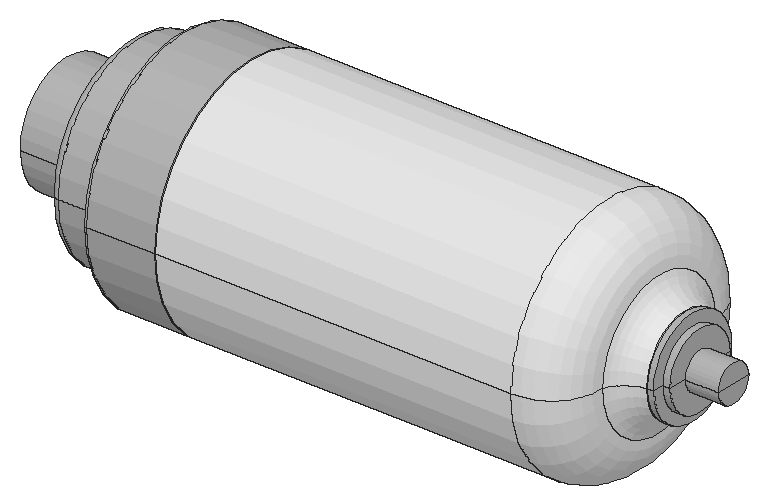
Revit family "Plumbing_Joints_Aignep_Condense-Drain-90986", category Pipe Accessories, Revit 2018
Family settings
  Round Connector Dimension = Use Diameter
  Part Type = Normal
  OmniClass Number = 23.27.43.00
  Work Plane-Based = No
  Always vertical = Yes
  Cut with Voids When Loaded = No
  Shared = No
Parameters (values of type "F 1/2" - Manual")
  QR code = "https://www.bimobject.com/aignep/product/condense-drain-90986"
  Product url = "https://www.aignep.com/eng/Pipe-fittings-INFINITY/Air-Pipeline-INFINITY-Series/CONDENSE-DRAIN"
  Product name = "Condense Drain - 90986"
  Product group = "Fittings"
  Product family = "INFINITY"
  Product certification = "https://www.aignep.com/eng/Certificazioni/FREE-OF-SILICON"
  Product SKU = "Condense-Drain-90986"
  Product Material = AIGNEP - Aluminium - Grey
  Product Guid = "b16c0e61-c1b7-4f6b-93f3-74b1300954bf"
  OmniClass Description = "Pipe Fittings"
  OmniClass Code = "23-27 43 00"
  Nominal Diameter [instance] = 12.700 mm
  Material main = "Plastic"
  Manufacturer name = "Aignep Spa"
  Manufacturer country = "Italy"
  IFC Classification = "Pipe Fitting"
  Function [instance] = "Manual/Semiautomatic"
  Design country = "Italy"
  Description = "Condense drain\r\n"  # constant formula
  F [instance] = 12.700 mm
  URL = "https://www.aignep.com/"
  Tick Size [instance] = Nominal Diameter * 0.4  # 5.080 mm
  Product data url = "https://www.bimobject.com/aignep/product/condense-drain-90986"
  Model = "90986"  # constant formula
  Manufacturer = "Aignep Spa"  # constant formula
  Keynote = "15410"
  Edition number = 1
  BIMobject category = "Joints"
  Assembly Code = "D2040100"
  Article Code [instance] = "90986 00 001"
Types (2, lengths in mm): name | Function | Article Code
  F 1/2" - Manual | "Manual/Semiautomatic" | "90986 00 001"
  F 1/2" - Automatic | "Automatic" | "90986 00 002"
Reference planes
  plane 1 "Center (Front/Back)": y = 0
  plane 2: z = 0
  plane 3 "Center (Left/Right)": x = 0
  plane 4: x = -79.5
  plane 5: x = 79.5
  plane 6: y = 29
  plane 7: y = -29
  plane 8: y = 14
  plane 9: y = -14
  plane 10: y = 6.35
  plane 11: y = -6.35
  plane 12: x = -14.5
Forms (mm)
  Revolve 1, solid, material "AIGNEP - Aluminium - Grey" <- "Product Material", detail levels fine
    sketch origin (0, 0, 0) x (1, 0, 0) y (0, 1, 0)
      loop
        line (-79.5, 14) -> (-79.5, 0) -> (-35.422, 0) -> (-35.422, 29) -> (-51.627, 29)
        arc (-51.627, 29) -> (-52.269, 28.734) -> (-52.535, 28.092) r 0.908
        line (-52.535, 28.092) -> (-52.535, 23.917) -> (-62.439, 23.917)
        arc (-62.439, 23.917) -> (-63.896, 23.313) -> (-64.5, 21.856) r 2.061
        line (-64.5, 21.856) -> (-64.5, 14) -> (-79.5, 14)
      loop
        line (79.5, 0) -> (79.5, 4.431) -> (71.472, 4.431) -> (71.472, 8.944) -> (69.691, 8.944) -> (69.691, 11.582) -> (68.092, 11.582) -> (68.092, 0) -> (79.5, 0)
      axis (79.5, 0) -> (-79.5, 0)
    angle from 0 to 360
  Revolve 2, solid, material "AIGNEP - PVC - Grey", detail levels fine
    sketch origin (0, 0, 0) x (1, 0, 0) y (0, 1, 0)
      loop
        line (-35.422, 0) -> (68.092, 0) -> (68.092, 11.582)
        arc (68.092, 11.582) -> (64.154, 13.369) -> (61.67, 16.908) r 8.211
        arc (61.67, 16.908) -> (58.129, 25.458) -> (49.578, 29) r 12.092
        line (49.578, 29) -> (-35.422, 29) -> (-35.422, 0)
      axis (-35.422, 0) -> (68.092, 0)
    angle from 0 to 360
  Sweep 3, solid, not visible
    path origin (0, 0, 0) x (1, 0, 0) y (0, 1, 0)
      loop
        line (-79.5, 0) -> (79.5, 0)
    profile origin (0, 0, 0) x (0, 1, 0) y (0, 0, 1)
      loop
        circle (0, 0) r 5
Lines and regions (mm)
  model lines, detail levels coarse+medium
    curve 1: line (-79.5, 0, 0) -> (79.5, 0, 0)
    curve 2: line (-79.5, 2.54, 0) -> (-79.5, -2.54, 0)
Dimensions and locks
  equal spacing: plane 4, plane 3 "Center (Left/Right)", plane 5
  locked: plane 4 to plane 5 at 159
  equal spacing: plane 6, plane 1 "Center (Front/Back)", plane 7
  locked: plane 6 to plane 7 at 58
  equal spacing: plane 8, plane 1 "Center (Front/Back)", plane 9
  locked: plane 8 to plane 9 at 28
  "F": plane 10 to plane 11
  equal spacing: plane 10, plane 1 "Center (Front/Back)", plane 11
  locked: plane 4 to plane 12 at 65
  equal spacing: curve 2, plane 1 "Center (Front/Back)", curve 2
  "Tick Size": curve 2 to curve 2
  aligned and locked: level to plane 2
  aligned and locked: plane 4 to Revolve 1 sketch curve
  aligned and locked: Revolve 2 sketch curve to plane 6
  aligned and locked: plane 1 "Center (Front/Back)" to Revolve 2 sketch curve
  aligned and locked: plane 5 to curve 1
  aligned and locked: plane 1 "Center (Front/Back)" to curve 1
  aligned and locked: plane 5 to Sweep 3 sketch curve
  aligned and locked: plane 1 "Center (Front/Back)" to Sweep 3 sketch curve
  aligned and locked: curve 2 to plane 4
  aligned and locked: plane 4 to Sweep 3 sketch curve
Automatic sketch dimensions
  plane 1 "Center (Front/Back)" to Revolve 1 sketch curve = 0.000 mm  (x3)
  Revolve 1 sketch curve to plane 4 = 0.000 mm
  Revolve 1 sketch curve to plane 8 = 0.000 mm
  Revolve 1 sketch curve to plane 6 = 0.000 mm
  Revolve 1 sketch curve to plane 5 = 0.000 mm
  Revolve 1 sketch curve to plane 6 = 7.144 mm
  plane 4 to Revolve 1 sketch curve = 15.000 mm
  Revolve 1 sketch curve to Revolve 1 sketch curve = 2.061 mm
  Revolve 1 sketch curve to Revolve 1 sketch curve = 9.904 mm
  Revolve 1 sketch curve to Revolve 1 sketch curve = 0.908 mm
  Revolve 1 sketch curve to Revolve 1 sketch curve = 17.113 mm
  plane 5 to Revolve 1 sketch curve = 11.408 mm
  Revolve 1 sketch curve to Revolve 1 sketch curve = 1.599 mm
  Revolve 1 sketch curve to plane 10 = 1.919 mm
  Revolve 1 sketch curve to Revolve 1 sketch curve = 1.781 mm
  plane 10 to Revolve 1 sketch curve = 2.594 mm
  Revolve 1 sketch curve to plane 8 = 2.418 mm
  Revolve 1 sketch curve to plane 4 = 11.858 mm
  plane 1 "Center (Front/Back)" to Revolve 2 sketch curve = 0.000 mm
  Revolve 2 sketch curve to plane 5 = 0.000 mm
  plane 5 to Revolve 2 sketch curve = 10.104 mm
  plane 5 to Revolve 2 sketch curve = 11.408 mm
  Revolve 2 sketch curve to Revolve 2 sketch curve = 19.818 mm
  Revolve 2 sketch curve to plane 8 = 2.418 mm
  plane 8 to Revolve 2 sketch curve = 2.908 mm
  Revolve 2 sketch curve to plane 3 "Center (Left/Right)" = 35.422 mm
  Revolve 2 sketch curve to Revolve 2 sketch curve = 15.000 mm
  Sweep 3 sketch curve to level = 0.000 mm
  Sweep 3 sketch curve to profile plane = 0.000 mm
  radius of Sweep 3 sketch curve = 5.000 mm
Connectors
  piping at (-79.5, 0, 0), diameter 12.7, driven by "Nominal Diameter"
    settings: on Sweep 3, index 1, connector inside diameter 609.600 mm, connector length 0.000 mm, flow factor 0, pipe flow 0.0 L/s, pressure drop 0.0 Pa, fitting loss kfactor 0, connector angle 0.00°, fixture units 0, engagement length 0.000 mm, angle of deflection 0.00°, flow configuration 0, flow direction 0, fitting loss method 0, system type 28, joint type 0, gender type 0, connector reference index -1, connector utility 0, adjustable connector no, is connector primary yes, connector description ""
